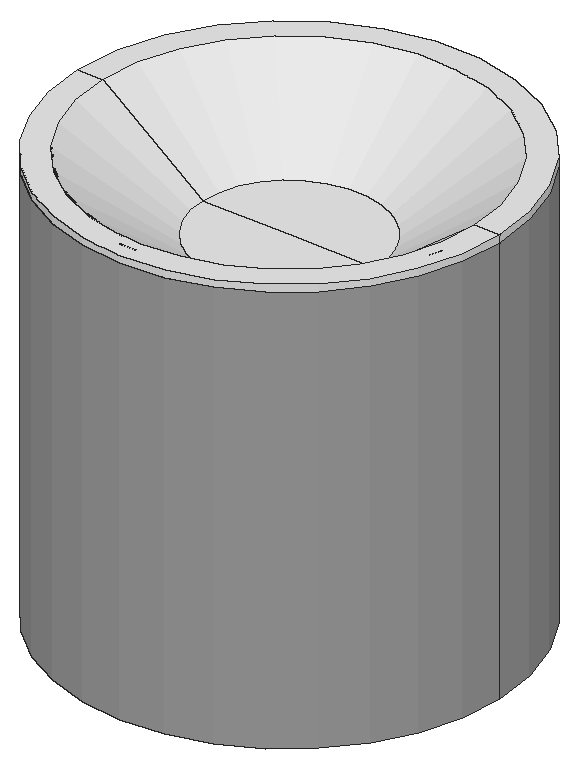
Revit family "LBC6-S", category Lighting Fixtures, host Face, Revit 2014
Parameters (values of type "LBC6-Z")
  Wattage Comments = "12W"
  Wattage = 12 W
  built-in parameter 1150110 = 1 (stored number, unit not read)
  Voltage = 120 V
  URL = "https://www.hubbell.com/prescolite/en"
  built-in parameter 1114217 = 1 (stored number, unit not read)
  Tilt Angle = -90.00°  # constant formula
  built-in parameter 1150109 = 1 (stored number, unit not read)
  built-in parameter 1150134 = (empty or 0)
  built-in parameter 1150113 = 1 (stored number, unit not read)
  Contact us = "https://www.hubbell.com/prescolite/en/contactUs"
  Certifications = "CSA C/US listed for damp locations when used with the LB6LEDA series trim for ceiling, cord or pendant mount.CSA C/US listed for wet locations when used with the LB6LEDA series trim for wall mount only."  # constant formula
  Ballast = Hubbell - Zet
  Product Page URL = "https://www.hubbell.com/prescolite/en/Products/Lighting-Controls/Commercial-Indoor-Lighting/Cylinder/LBC6/p/212929"
  Product Documentation Link = "https://hubbellcdn.com/specsheet/lb_led_004.pdf"
  Photometric Web Link = "http://www.prescolite.com/products/lbc6"
  Photometric Web File = "LB6LEDA10L-27K.ies"
  Model = "LBC6"  # constant formula
  Manufacturer = "Prescolite"  # constant formula
  built-in parameter 1150105 = 141.85 (stored number, unit not read)
  Lumens = 1782.5 lm
  built-in parameter 1150115 = 1 (stored number, unit not read)
  Load Classification = Lighting
  built-in parameter 1150137 = (empty or 0)
  built-in parameter 1150139 = (empty or 0)
  built-in parameter 1150112 = 1 (stored number, unit not read)
  built-in parameter 1150114 = 1 (stored number, unit not read)
  Lamp = "6 inch LED Cylinder"  # constant formula
  built-in parameter 1150132 = (empty or 0)
  built-in parameter 1150102 = (empty or 0)
  built-in parameter 1150107 = 3000 (stored number, unit not read)
  built-in parameter 1150138 = (empty or 0)
  built-in parameter 1150106 = 1.4185 (stored number, unit not read)
  Emit from Circle Diameter = 3.000"  # constant formula
  Emit Shape Visible in Rendering = no
  built-in parameter 1150104 = 13.8 (stored number, unit not read)
  Dimming Lamp Color Temperature Shift = <None>
  Description = "Nominal 6in cylinders designed to be used with the LiteBox LB6LEDA series trims"  # constant formula
  Default Elevation = 48.000"
  Connector Description = "Electrical Connector"  # constant formula
  Color Filter = 16777215
  built-in parameter 1114218 = 1 (stored number, unit not read)
  Reflector = Hubbell - White
  built-in parameter 1150133 = 10 (stored number, unit not read)
  Application = "Dining Area,Education,Healthcare,Hospitality,Office,Lobby,Conference Room,Classroom,Waiting Room,Auditorium,Guest Room"  # constant formula
  Apparent Load = 0 VA
Types (6): name | Ballast
  (no name) | Hubbell - Zet
  LBC6-WH | Hubbell - White
  LBC6-BL | Hubbell - Black
  LBC6-Z | Hubbell - Zet
  LBC6-BA | Hubbell - Aluminium
  LBC6-BZ | Hubbell - Bronze
Reference planes (in)
  plane 1 "Center (Front/Back)": y = 0
  plane 2: z = 0
  plane 3 "Center (Left/Right)": x = 0
  plane 4: z = 6.5
Dimensions and locks (in)
  locked: plane 4 to plane 2 at 6.5
  aligned and locked: plane 2 to host face
  aligned and locked: level to host face
  aligned and locked: plane 3 "Center (Left/Right)" to imposter light
  aligned and locked: plane 3 "Center (Left/Right)" to nested 1
  aligned and locked: plane 1 "Center (Front/Back)" to nested 1
  aligned and locked: plane 4 to imposter light
  aligned and locked: imposter light to plane 1 "Center (Front/Back)"
Nested families (in)
  nested 1: "LBC6" at (0, 0, 0), Ballast <- "Ballast", Reflector <- "Reflector", type "LBC6"
    with Reflector Hubbell - White, Ballast Hubbell - Zet
Connectors (in)
  electrical at (0, 0, 0), driven by "Voltage", driven by "Apparent Load", driven by "Apparent Load", driven by "Connector Description", driven by "Load Classification"
    settings: index 1, voltage 120 V, apparent load 0 VA, apparent load phase1 0 VA, apparent load phase2 0 VA, apparent load phase3 0 VA, power factor 1, load classification "Lighting", number of poles 1, system type 30, power factor state 1, is connector primary yes, connector utility no, sub classification motor no, connector description "Electrical Connector"
Definition of nested family "LBC6"
  Parameters (values of type "LBC6")
    Wattage Comments = ""
    Lamp = ""
    Ballast [instance] = none
    URL = ""
    Product Page URL = ""
    Product Documentation Link = ""
    Model = "LBC6"  # constant formula
    Manufacturer Phone = ""
    Manufacturer Fax = ""
    Manufacturer = "Prescolite"  # constant formula
    Reflector [instance] = none
    Description = ""
    Default Elevation = 48.000"
  Reference planes (in)
    plane 1 "Center (Front/Back)": y = 0
    plane 2: z = 0
    plane 3 "Center (Left/Right)": x = 0
    plane 4: y = 7.75
    plane 5: y = -7.75
    plane 6: x = -3.93
    plane 7: x = 3.93
    plane 8: z = 7.75
    plane 9: z = 0.125
    plane 10: x = 3.805
    plane 11: z = 7.625
  Forms (in)
    Extrusion 1, solid
      sketch origin (0, 0, 0) x (1, 0, 0) y (0, 1, 0)
        loop
          line (-48, 48) -> (-48, -48) -> (48, -48) -> (48, 48) -> (-48, 48)
      from 0 to -6
    Revolve 2, solid, material <- "Ballast"
      sketch origin (0, 0, -1.25) x (1, 0, 0) y (0, 0, 1)
        loop
          line (3.93, 8.875) -> (3.805, 8.875) -> (3.805, 1.375) -> (0, 1.375) -> (0, 1.25) -> (3.93, 1.25) -> (3.93, 8.875)
        axis (0, 8.875) -> (0, 1.25)
      angle from 0 to 360
    Revolve 3, solid, material <- "Reflector"
      sketch origin (0, 0, 0) x (1, 0, 0) y (0, 0, 1)
        loop
          line (3.93, 7.75) -> (3.46572, 7.75) -> (1.60823, 6.3832) -> (0, 6.3832) -> (0, 6.2582) -> (1.64927, 6.2582) -> (3.50675, 7.625) -> (3.93, 7.625) -> (3.93, 7.75)
        axis (0, 7.75) -> (0, 6.2582)
      angle from 0 to 360
  Dimensions and locks (in)
    locked: plane 4 to plane 1 "Center (Front/Back)" at 7.75
    locked: plane 5 to plane 1 "Center (Front/Back)" at 7.75
    plane 7 to plane 6 = 7.860"
    plane 8 to Extrusion 1 = 7.750"
    locked: plane 8 to plane 11 at 0.125
    locked: plane 7 to plane 10 at 0.125
    equal spacing: plane 7, plane 3 "Center (Left/Right)", plane 6
    locked: plane 9 to Extrusion 1 at 0.125
    plane 3 "Center (Left/Right)" to plane 6 = 3.930"
    aligned and locked: plane 2 to Extrusion 1
    aligned and locked: Revolve 2 sketch curve to plane 7
    aligned and locked: Revolve 2 sketch curve to plane 3 "Center (Left/Right)"
    aligned and locked: Revolve 2 sketch curve to plane 10
    aligned and locked: plane 9 to Revolve 2 sketch curve
  Automatic sketch dimensions
    Extrusion 1 sketch curve to Extrusion 1 sketch curve = 96.000"  (x2)
    Revolve 3 sketch curve to plane 3 "Center (Left/Right)" = 0.000"  (x2)
    Revolve 3 sketch curve to plane 8 = 0.000"
    Revolve 3 sketch curve to plane 11 = 0.000"
    Revolve 3 sketch curve to plane 7 = 0.000"
    plane 3 "Center (Left/Right)" to Revolve 3 sketch curve = 1.60823"
    Revolve 3 sketch curve to Revolve 3 sketch curve = 0.04103"  (x2)
    Revolve 3 sketch curve to plane 10 = 0.33928"
    Revolve 3 sketch curve to plane 11 = 1.2418"
    Revolve 3 sketch curve to Revolve 3 sketch curve = 0.125"
    Revolve 3 sketch curve to Revolve 3 sketch curve = 0.91934"
    plane 8 to Revolve 3 sketch curve = 0.45415"
    Revolve 2 sketch curve to plane 3 "Center (Left/Right)" = 0.000"
    Revolve 2 sketch curve to level = 0.000"
    Revolve 2 sketch curve to plane 11 = 0.000"
    Revolve 2 sketch curve to level = 10.000"
    Revolve 2 sketch curve to Revolve 2 sketch curve = 8.000"
